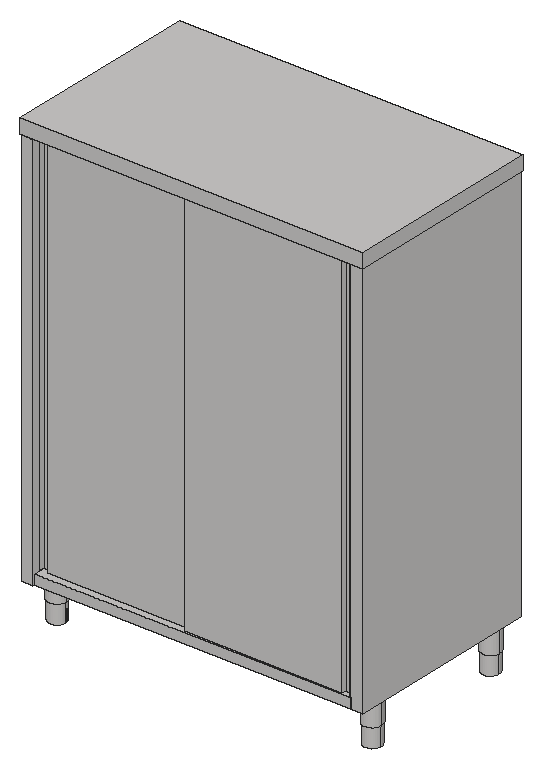
Revit family "QF_ELECTROLUXPROFESSIONAL_132886_SAS12N", category Attrezzature speciali, Revit 2020
Family settings
  Quota connettore circolare = Usa diametro
  Tipo di parte = Normale
  Basato su piano di lavoro = No
  Sempre verticale = Sì
  Taglio con vuoti quando caricato = No
  Condiviso = No
  Punto di calcolo locali = No
Parameters (values of type "Standard")
  Weight = 115.00 kg
  Watts = 0 W
  Volts = 0 V
  URL Manufacturer = "https://www.electroluxprofessional.com/"
  URL = "https://www.electroluxprofessional.com/"
  Steam Supply Size = 0 mm
  Steam Supply Minimum Pressure = 0.0 Pa
  Steam Supply Maximum Pressure = 0.0 Pa
  Steam Consumption per Hour = 0
  Refrigeration Suction Line Size = 0.0 mm
  Refrigeration Liquid Line Size = 0.0 mm
  Refrigerant Compressor Remote = yes
  Prospetto di default = 0.0 mm
  Phase = 0
  Modello = "SAS12N"
  Produttore = "Electrolux Professional"
  Length Actual = 1200.0 mm  # constant formula
  Item Number = "132886"
  Hot Water Size = 0 mm
  Height Actual = 1600.0 mm  # constant formula
  HP = "0 HP"
  Gas Size = 0 mm
  Gas KW = 0
  Gas Input Pressure = 0 W
  Direct Waste Size = 0 mm
  Descrizione = "STORAGE CAB(H=1600)+SLIDING DOORS 1200MM"
  Depth Actual = 700.0 mm  # constant formula
  Cycle = 0 Hz
  Condensate Return Size = 0 mm
  Compressed Air Volume = 0.0 L/s
  Compressed Air Size = 0 mm
  Compressed Air Pressure = 0.0 Pa
  Cold Water Size = 0 mm
  Accessory = yes
Reference planes
  plane 1 "Center (Front/Back)": y = 0
  plane 2: z = 0
  plane 3 "Center (Left/Right)": x = -300
  plane 4 "LEFT": x = -900
  plane 5 "RIGHT": x = 300
  plane 6 "BACK": y = 350
  plane 7 "FRONT": y = -350
  plane 8 "TOP": z = 1600
  plane 9: x = -852
  plane 10: x = 252
  plane 11: y = 270
  plane 12: y = -247
  plane 13 "FEET": z = 150
  plane 14: x = -854.5
  plane 15: y = -344.5
  plane 16: x = 254.5
  plane 17: x = -326.5
  plane 18: x = -273.5
  plane 19 "BaseTop": z = 1550
  plane 20: x = -894.5
  plane 21: x = 294.5
  plane 22: y = 344.5
Forms (mm)
  Extrusion 1, solid, material "QF_Finishes_Stainless Steel"
    sketch origin (0, 0, 150) x (-1, 0, 0) y (0, -1, 0)
      loop
        line (894.5, -350) -> (894.5, 350) -> (854.5, 350) -> (854.5, -350) -> (894.5, -350)
      loop
        line (-254.5, -350) -> (-254.5, 344.5) -> (-294.5, 344.5) -> (-294.5, -350) -> (-254.5, -350)
    from 0 to 1400
  Extrusion 2, solid, material "QF_Finishes_Stainless Steel"
    sketch origin (0, 0, 150) x (-1, 0, 0) y (0, -1, 0)
      loop
        line (854.5, -347) -> (854.5, 344.5) -> (-254.5, 344.5) -> (-254.5, -347) -> (854.5, -347)
    from 0 to 35
  Extrusion 3, solid, material "QF_Finishes_Stainless Steel"
    sketch origin (0, 0, 150) x (-1, 0, 0) y (0, -1, 0)
      loop
        line (-254.5, -350) -> (854.5, -350) -> (854.5, -327) -> (-254.5, -327) -> (-254.5, -350)
    from 1400 to 35
  Extrusion 4, solid, material "QF_Finishes_Stainless Steel"
    sketch origin (0, 0, 1550) x (-1, 0, 0) y (0, -1, 0)
      loop
        line (900, 350) -> (-300, 350) -> (-300, -350) -> (900, -350) -> (900, 350)
    from 0 to 50
  Extrusion 5, solid, material "QF_Finishes_Stainless Steel"
    sketch origin (33, 0, 150) x (-1, 0, 0) y (0, -1, 0)
      loop
        line (306.5, 324.5) -> (306.5, 304.5) -> (885, 304.5) -> (885, 324.5) -> (883, 324.5) -> (883, 309.5) -> (856.034, 309.5) -> (856.034, 324.5) -> (306.5, 324.5)
    from 1400 to 40
  Extrusion 6, solid, material "QF_Finishes_Stainless Steel"
    sketch origin (-633, 0, 150) x (1, 0, 0) y (0, 1, 0)
      loop
        line (306.5, -344.5) -> (856.034, -344.5) -> (856.034, -329.5) -> (883, -329.5) -> (883, -344.5) -> (885, -344.5) -> (885, -324.5) -> (306.5, -324.5) -> (306.5, -344.5)
    from 1400 to 40
Lines and regions (mm)
  symbolic lines, style "SpecialityEquipment"
    curve 1: line (-900, 350, 1550) -> (300, 350, 1550)
    curve 2: line (-900, -350, 1550) -> (-900, 350, 1550)
    curve 3: line (300, -350, 1550) -> (-900, -350, 1550)
    curve 4: line (300, 350, 1550) -> (300, -350, 1550)
  symbolic lines, style "SpecialityEquipmentHiddenLines"
    curve 5: line (-900, -350, 1550) -> (300, 350, 1550)
    curve 6: line (-326.5, -324.5, 200) -> (-326.5, -344.5, 200)
    curve 7: line (-852, -304.5, 1550) -> (-273.5, -304.5, 1550)
    curve 8: line (-273.5, -304.5, 1550) -> (-273.5, -324.5, 1550)
    curve 9: line (-273.5, -324.5, 1550) -> (-852, -324.5, 1550)
    curve 10: line (-852, -324.5, 1550) -> (-852, -304.5, 1550)
    curve 11: line (-326.5, -344.5, 1550) -> (252, -344.5, 1550)
    curve 12: line (252, -344.5, 1550) -> (252, -324.5, 1550)
    curve 13: line (252, -324.5, 1550) -> (-273.5, -324.5, 1550)
Dimensions and locks
  plane 4 "LEFT" to plane 5 "RIGHT" = 1200.0 mm
  equal spacing: plane 4 "LEFT", plane 3 "Center (Left/Right)", plane 5 "RIGHT"
  plane 6 "BACK" to plane 7 "FRONT" = 700.0 mm
  equal spacing: plane 6 "BACK", plane 1 "Center (Front/Back)", plane 7 "FRONT"
  locked: plane 13 "FEET" to level at 150
  locked: plane 4 "LEFT" to plane 9 at 48
  locked: plane 10 to plane 5 "RIGHT" at 48
  locked: plane 6 "BACK" to plane 11 at 80
  locked: plane 12 to plane 7 "FRONT" at 103
  locked: plane 8 "TOP" to level at 1600
  locked: plane 17 to plane 18 at 53
  equal spacing: plane 17, plane 3 "Center (Left/Right)", plane 18
  plane 4 "LEFT" to plane 20 = 5.5 mm
  locked: plane 20 to plane 14 at 40
  locked: plane 16 to plane 21 at 40
  locked: plane 21 to plane 5 "RIGHT" at 5.5
  plane 15 to plane 7 "FRONT" = 5.5 mm  (x2)
  plane 6 "BACK" to plane 22 = 5.5 mm
  locked: plane 8 "TOP" to plane 19 "BaseTop" at 50
  aligned and locked: level to plane 2
  aligned and locked: plane 9 to nested 1
  aligned and locked: plane 10 to nested 2
  aligned and locked: nested 4 to plane 11
  aligned and locked: plane 9 to nested 3
  aligned and locked: nested 3 to plane 11
  aligned and locked: plane 6 "BACK" to Extrusion 1 sketch curve
  aligned and locked: Extrusion 1 sketch curve to plane 6 "BACK"
  aligned and locked: Extrusion 1 sketch curve to plane 7 "FRONT"
  aligned and locked: plane 14 to Extrusion 1
  aligned and locked: Extrusion 2 to plane 14
  aligned and locked: Extrusion 2 to plane 15
  aligned and locked: nested 1 to plane 12
  aligned and locked: nested 2 to plane 12
  aligned and locked: Extrusion 2 sketch curve to plane 16
  aligned and locked: nested 4 to nested 2
  aligned and locked: plane 16 to Extrusion 3
  aligned and locked: Extrusion 3 to plane 14
  aligned and locked: plane 19 "BaseTop" to Extrusion 3
  aligned and locked: plane 19 "BaseTop" to Extrusion 5
  aligned and locked: plane 19 "BaseTop" to Extrusion 6
  aligned and locked: plane 19 "BaseTop" to Extrusion 1
Automatic sketch dimensions
  Extrusion 1 sketch curve to plane 15 = 0.0 mm
  Extrusion 1 sketch curve to plane 21 = 0.0 mm
  Extrusion 1 sketch curve to plane 16 = 0.0 mm
  Extrusion 1 sketch curve to plane 14 = 0.0 mm
  Extrusion 1 sketch curve to plane 20 = 0.0 mm
  Extrusion 2 sketch curve to plane 14 = 0.0 mm
  Extrusion 2 sketch curve to plane 15 = 0.0 mm
  plane 22 to Extrusion 2 sketch curve = 2.5 mm
  curve 6 to plane 15 = 0.0 mm
  curve 6 to plane 17 = 0.0 mm
  plane 15 to curve 6 = 20.0 mm
  Extrusion 3 sketch curve to plane 6 "BACK" = 0.0 mm
  Extrusion 3 sketch curve to plane 16 = 0.0 mm
  Extrusion 3 sketch curve to plane 14 = 0.0 mm
  plane 22 to Extrusion 3 sketch curve = 17.5 mm
  Extrusion 4 sketch curve to plane 5 "RIGHT" = 0.0 mm
  Extrusion 4 sketch curve to plane 4 "LEFT" = 0.0 mm
  Extrusion 4 sketch curve to plane 6 "BACK" = 0.0 mm
  Extrusion 4 sketch curve to plane 7 "FRONT" = 0.0 mm
  Extrusion 5 sketch curve to plane 18 = 0.0 mm
  Extrusion 5 sketch curve to plane 9 = 0.0 mm
  plane 9 to Extrusion 5 sketch curve = 28.966 mm
  plane 9 to Extrusion 5 sketch curve = 2.0 mm
  plane 15 to Extrusion 5 sketch curve = 40.0 mm
  Extrusion 5 sketch curve to Extrusion 5 sketch curve = 5.0 mm
  Extrusion 5 sketch curve to Extrusion 5 sketch curve = 15.0 mm  (x2)
  Extrusion 6 sketch curve to plane 17 = 0.0 mm
  Extrusion 6 sketch curve to plane 15 = 0.0 mm  (x2)
  Extrusion 6 sketch curve to plane 10 = 0.0 mm
  plane 10 to Extrusion 6 sketch curve = 28.966 mm
  Extrusion 6 sketch curve to plane 15 = 15.0 mm
  Extrusion 6 sketch curve to Extrusion 6 sketch curve = 20.0 mm
  Extrusion 6 sketch curve to Extrusion 6 sketch curve = 2.0 mm
  curve 1 to plane 5 "RIGHT" = 0.0 mm
  curve 11 to plane 10 = 0.0 mm
  curve 8 to plane 18 = 0.0 mm
  curve 11 to plane 17 = 0.0 mm
  curve 9 to plane 9 = 0.0 mm
  curve 3 to plane 4 "LEFT" = 0.0 mm
  curve 1 to plane 6 "BACK" = 0.0 mm
  curve 12 to plane 15 = 0.0 mm
  curve 4 to plane 7 "FRONT" = 0.0 mm
  plane 15 to curve 8 = 40.0 mm
  curve 13 to curve 11 = 20.0 mm
Nested families
  nested 1: "FEET_D60-150" at (-852, -247, 0), type "FEET_D60-150"
  nested 2: "FEET_D60-150" at (252, -247, 0), type "FEET_D60-150"
  nested 3: "FEET_D60-150" at (-852, 270, 0), type "FEET_D60-150"
  nested 4: "FEET_D60-150" at (252, 270, 0), type "FEET_D60-150"
Definition of nested family "FEET_D60-150"
  Parameters
    Default Elevation = 0.0 mm
    FEET = 150.0 mm
  Reference planes
    plane 1 "Center (Front/Back)": y = 0
    plane 2: z = 0
    plane 3 "Center (Left/Right)": x = 0
    plane 4: z = 150
  Forms (mm)
    Extrusion 1, solid
      sketch origin (0, 0, 0) x (1, 0, 0) y (0, 1, 0)
        loop
          circle (0, 0) r 28
      from 0 to 67
    Revolve 2, solid
      sketch origin (0, 0, 0) x (1, 0, 0) y (0, 0, 1)
        loop
          line (0, 0) -> (0, 150) -> (-32.939, 150) -> (-32.939, 67) -> (-30, 67) -> (-30, 0) -> (0, 0)
        axis (0, 150) -> (0, 0)
      angle from 0 to 360
  Lines and regions (mm)
    symbolic lines
      curve 1: line (0, -1.503, 0) -> (0, 1.508, 0)
      curve 2: line (1.561, 0, 0) -> (-1.439, 0, 0)
  Dimensions and locks
    "FEET": plane 4 to plane 2
    aligned and locked: level to plane 2
  Automatic sketch dimensions
    plane 1 "Center (Front/Back)" to Extrusion 1 sketch curve = 0.0 mm
    Extrusion 1 sketch curve to plane 3 "Center (Left/Right)" = 0.0 mm
    plane 1 "Center (Front/Back)" to curve 2 = 0.0 mm
    curve 1 to plane 3 "Center (Left/Right)" = 0.0 mm
    curve 2 to plane 3 "Center (Left/Right)" = 1.439 mm
    plane 3 "Center (Left/Right)" to curve 2 = 1.561 mm
    plane 1 "Center (Front/Back)" to curve 1 = 1.503 mm
    curve 1 to plane 1 "Center (Front/Back)" = 1.508 mm
    Revolve 2 sketch curve to plane 4 = 0.0 mm
    Revolve 2 sketch curve to level = 0.0 mm
    Revolve 2 sketch curve to plane 3 "Center (Left/Right)" = 0.0 mm  (x2)
    Revolve 2 sketch curve to plane 3 "Center (Left/Right)" = 30.0 mm
    Revolve 2 sketch curve to plane 3 "Center (Left/Right)" = 32.939 mm
    level to Revolve 2 sketch curve = 67.0 mm
    Revolve 2 sketch curve to level = 42.207 mm
    Revolve 2 sketch curve to Revolve 2 sketch curve = 10.0 mm
    radius of Extrusion 1 sketch curve = 28.0 mm
